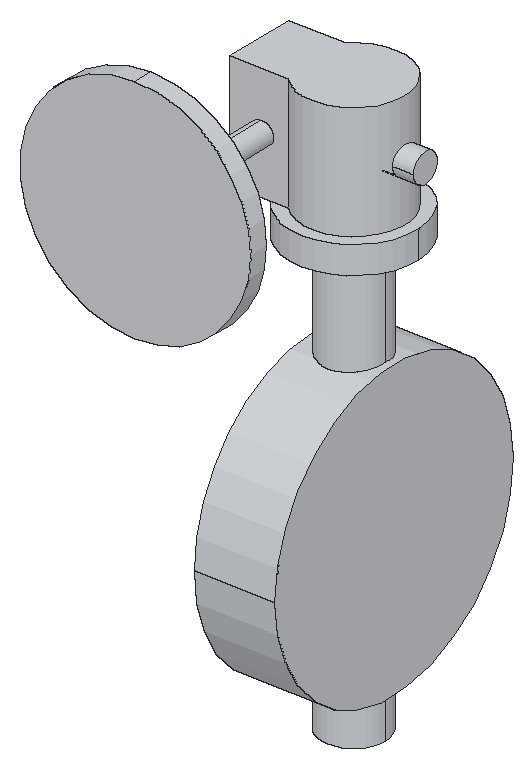
Revit family "HS497-67_disk-litina-převodové kolo DN150-RFA_2019", category Pipe Accessories, Revit 2019
Family settings
  Round Connector Dimension = Use Diameter
  Part Type = Valve - Breaks Into
  Work Plane-Based = No
  Always vertical = Yes
  Cut with Voids When Loaded = No
  Shared = No
Parameters (values of type "HS 497-67_DN150_PN16_převodové kolo")
  magiProductId = "d94a1a0cf83b476eb10011b327f709"
  magiProductFamilyId = "53cea81e6f374d17b8841d9c72ad77"
  magiPartTypeId = 305
  isMeasuringValve [instance] = no
  ang2D [instance] = 0.00°
  X11 = 61.456 mm
  X1 = 25.456 mm
  W2D = 1000 mm
  VersionID = "2.0/2017.9.26.1/ZETKAMA_497_001"
  Use Minimum Symbol Size [instance] = yes
  URL = "http://www.hydronic.cz"
  Type Comments = "mezipřírubová; litinový disk; PN16; -10~+110°C (krátkodobě +120°C)"
  SW30 = yes
  SW3 = yes
  SW21 = no
  SW20 = no
  SW2 = no
  SW1 = no
  R = 75 mm
  QmdConnectorList = "301;D;302;D"
  Productdata [instance] = ""
  NC = 50 mm
  Model = ""
  Manufacturer = "Hydronic Systems Prague s.r.o."
  MM20 = 25.456 mm
  MC Product Code = "125 150 (litinový disk, s převodovým kolem; DN150; PN16, kvs1347)"
  M41 = 65.25 mm
  M4 = 43.5 mm
  LHL = 220 mm
  LHH3 = 2.45 mm
  LHH1 = 46.55 mm
  LH1 = 73.333 mm
  L4R__ve = -L4R  # -13.5 mm
  L4R = 13.5 mm
  L42__ve = -L42  # -101.25 mm
  L42 = 101.25 mm
  L41__ve = -L41  # -20.25 mm
  L41 = 20.25 mm
  L2D_Min = 3048 mm
  L2D = 216 mm
  L2 = 28 mm
  L1 = 44.8 mm
  L = 56 mm
  H = 33 mm
  G22 = 11.25 mm
  G2 = 22.5 mm
  G1 = 90 mm
  G = 90 mm
  F = 14 mm
  E44 = 40 mm
  E42 = 80 mm
  E4 = 160 mm
  E23 = 4.9 mm
  E22 = 19.6 mm
  E21 = 9.8 mm
  Description = "Mezipřírubová uzavírací klapka s převodovým kolem; litinový disk, DN150; PN16; kvs1347"
  DR2 = 75 mm
  DR = 206 mm
  DD1 = 20 mm
  DD = 16 mm
  D = 150 mm
  CAT0 = yes
  B2__ve = -B2  # -58 mm
  B2 = 58 mm
  A2 = 19.3 mm
  A1 = 98.7 mm
Types (43, lengths in mm): name | magiProductId | X11 | X1 | Type Comments | SW30 | SW3 | SW20 | SW2 | SW1 | R | NC | MM20 | MC Product Code | M41 | M4 | LHL | LHH3 | LHH1 | LH1 | L4R__ve | L4R | L42__ve | L42 | L41__ve | L41 | L2 | L1 | L | H | G | F | E44 | E42 | E4 | E23 | E22 | E21 | Description | DR2 | DR | DD1 | DD | D | B2__ve | B2 | A2 | A1
  HS 497-67_DN100_PN16_volné vřeteno | "65d1b245f4f142c78569c0602d5754" | 61.456 | 25.456 | "mezipřírubová; litinový disk; PN16; -10~+110°C (krátkodobě +120°C)" | no | no | no | no | yes | 50 | 50 | 25.456 | "123 100 (litinový disk, s volným vřetenem; DN100; PN16, kvs512)" | 66 | 44 | 220 | 2.45 | 46.55 | 73.333 | -12.8 | 12.8 | -96 | 96 | -19.2 | 19.2 | 26 | 41.6 | 52 | 30 | 90 | 11 | 31.25 | 62.5 | 125 | 4.9 | 19.6 | 9.8 | "Mezipřírubová uzavírací klapka s volným vřetenem; litinový disk, DN100; PN16; kvs512" | 50 | 147 | 15.625 | 12.5 | 100 | -56 | 56 | 16.5 | 98.5
  HS 497-67_DN100_PN16_převodové kolo | "11e91b807e674d428c8e796fcdcfe2" | 61.456 | 25.456 | "mezipřírubová; litinový disk; PN16; -10~+110°C (krátkodobě +120°C)" | yes | yes | no | no | no | 50 | 50 | 25.456 | "125 100 (litinový disk, s převodovým kolem; DN100; PN16, kvs512)" | 65.25 | 43.5 | 220 | 2.45 | 46.55 | 73.333 | -12.8 | 12.8 | -96 | 96 | -19.2 | 19.2 | 26 | 41.6 | 52 | 30 | 90 | 11 | 31.25 | 62.5 | 125 | 4.9 | 19.6 | 9.8 | "Mezipřírubová uzavírací klapka s převodovým kolem; litinový disk, DN100; PN16; kvs512" | 50 | 147 | 15.625 | 12.5 | 100 | -56 | 56 | 16.5 | 98.5
  HS 497-67_DN100_PN16_s pákou | "28172f0b3f4b47b28323ac71cf8749" | 61.456 | 25.456 | "mezipřírubová; litinový disk; PN16; -10~+110°C (krátkodobě +120°C)" | no | no | yes | yes | no | 50 | 50 | 25.456 | "120 100 (litinový disk, s pákou; DN100; PN16, kvs512)" | 66 | 44 | 260 | 3 | 57 | 86.667 | -12.8 | 12.8 | -96 | 96 | -19.2 | 19.2 | 26 | 41.6 | 52 | 30 | 90 | 11 | 31.25 | 62.5 | 125 | 6 | 24 | 12 | "Mezipřírubová uzavírací klapka s pákou; litinový disk, DN100; PN16; kvs512" | 50 | 147 | 15.625 | 12.5 | 100 | -56 | 56 | 16.5 | 98.5
  HS 497-67_DN125_PN16_volné vřeteno | "0d813d910fc14f628bb3c2efbd185c" | 61.456 | 25.456 | "mezipřírubová; litinový disk; PN16; -10~+110°C (krátkodobě +120°C)" | no | no | no | no | yes | 62.5 | 50 | 25.456 | "123 125 (litinový disk, s volným vřetenem; DN125; PN16, kvs872)" | 66 | 44 | 220 | 2.45 | 46.55 | 73.333 | -12.8 | 12.8 | -96 | 96 | -19.2 | 19.2 | 28 | 44.8 | 56 | 33 | 90 | 14 | 31.25 | 62.5 | 125 | 4.9 | 19.6 | 9.8 | "Mezipřírubová uzavírací klapka s volným vřetenem; litinový disk, DN125; PN16; kvs872" | 62.5 | 180 | 15.625 | 12.5 | 125 | -64 | 64 | 18 | 99.5
  HS 497-67_DN125_PN16_převodové kolo | "c56b7c13f372467684996fb1e0e229" | 61.456 | 25.456 | "mezipřírubová; litinový disk; PN16; -10~+110°C (krátkodobě +120°C)" | yes | yes | no | no | no | 62.5 | 50 | 25.456 | "125 125 (litinový disk, s převodovým kolem; DN125; PN16, kvs872)" | 65.25 | 43.5 | 220 | 2.45 | 46.55 | 73.333 | -13.5 | 13.5 | -101.25 | 101.25 | -20.25 | 20.25 | 28 | 44.8 | 56 | 33 | 90 | 14 | 40 | 80 | 160 | 4.9 | 19.6 | 9.8 | "Mezipřírubová uzavírací klapka s převodovým kolem; litinový disk, DN125; PN16; kvs872" | 62.5 | 180 | 20 | 16 | 125 | -64 | 64 | 18 | 99.5
  HS 497-67_DN125_PN16_s pákou | "105993c79a91492399feef7931321a" | 61.456 | 25.456 | "mezipřírubová; litinový disk; PN16; -10~+110°C (krátkodobě +120°C)" | no | no | yes | yes | no | 62.5 | 50 | 25.456 | "120 125 (litinový disk, s pákou; DN125; PN16, kvs872)" | 66 | 44 | 315 | 3.75 | 71.25 | 105 | -12.8 | 12.8 | -96 | 96 | -19.2 | 19.2 | 28 | 44.8 | 56 | 33 | 90 | 14 | 31.25 | 62.5 | 125 | 7.5 | 30 | 15 | "Mezipřírubová uzavírací klapka s pákou; litinový disk, DN125; PN16; kvs872" | 62.5 | 180 | 15.625 | 12.5 | 125 | -64 | 64 | 18 | 99.5
  HS 497-67_DN150_PN16_volné vřeteno | "50c80cb8ab434f55ab7796e5ac1331" | 61.456 | 25.456 | "mezipřírubová; litinový disk; PN16; -10~+110°C (krátkodobě +120°C)" | no | no | no | no | yes | 75 | 50 | 25.456 | "123 150 (litinový disk, s volným vřetenem; DN150; PN16, kvs1347)" | 66 | 44 | 220 | 2.45 | 46.55 | 73.333 | -12.8 | 12.8 | -96 | 96 | -19.2 | 19.2 | 28 | 44.8 | 56 | 33 | 90 | 14 | 31.25 | 62.5 | 125 | 4.9 | 19.6 | 9.8 | "Mezipřírubová uzavírací klapka s volným vřetenem; litinový disk, DN150; PN16; kvs1347" | 75 | 206 | 15.625 | 12.5 | 150 | -58 | 58 | 19.3 | 98.7
  HS 497-67_DN150_PN16_převodové kolo | "d94a1a0cf83b476eb10011b327f709" | 61.456 | 25.456 | "mezipřírubová; litinový disk; PN16; -10~+110°C (krátkodobě +120°C)" | yes | yes | no | no | no | 75 | 50 | 25.456 | "125 150 (litinový disk, s převodovým kolem; DN150; PN16, kvs1347)" | 65.25 | 43.5 | 220 | 2.45 | 46.55 | 73.333 | -13.5 | 13.5 | -101.25 | 101.25 | -20.25 | 20.25 | 28 | 44.8 | 56 | 33 | 90 | 14 | 40 | 80 | 160 | 4.9 | 19.6 | 9.8 | "Mezipřírubová uzavírací klapka s převodovým kolem; litinový disk, DN150; PN16; kvs1347" | 75 | 206 | 20 | 16 | 150 | -58 | 58 | 19.3 | 98.7
  HS 497-67_DN150_PN16_s pákou | "4d2835523fe84828bc50ff0a5a0dfb" | 61.456 | 25.456 | "mezipřírubová; litinový disk; PN16; -10~+110°C (krátkodobě +120°C)" | no | no | yes | yes | no | 75 | 50 | 25.456 | "120 150 (litinový disk, s pákou; DN150; PN16, kvs1347)" | 66 | 44 | 315 | 3.75 | 71.25 | 105 | -12.8 | 12.8 | -96 | 96 | -19.2 | 19.2 | 28 | 44.8 | 56 | 33 | 90 | 14 | 31.25 | 62.5 | 125 | 7.5 | 30 | 15 | "Mezipřírubová uzavírací klapka s pákou; litinový disk, DN150; PN16; kvs1347" | 75 | 206 | 15.625 | 12.5 | 150 | -58 | 58 | 19.3 | 98.7
  HS 497-67_DN200_PN16_volné vřeteno | "5b29029eaeba47139ee1055a4b9201" | 61.456 | 25.456 | "mezipřírubová; litinový disk; PN16; -10~+110°C (krátkodobě +120°C)" | no | no | no | no | yes | 100 | 50 | 25.456 | "123 200 (litinový disk, s volným vřetenem; DN200; PN16, kvs2675)" | 66 | 44 | 220 | 2.45 | 46.55 | 73.333 | -12.8 | 12.8 | -96 | 96 | -19.2 | 19.2 | 30 | 48 | 60 | 33 | 90 | 17 | 31.25 | 62.5 | 125 | 4.9 | 19.6 | 9.8 | "Mezipřírubová uzavírací klapka s volným vřetenem; litinový disk, DN200; PN16; kvs2675" | 100 | 257 | 15.625 | 12.5 | 200 | -70 | 70 | 22.5 | 102.5
  HS 497-67_DN200_PN16_převodové kolo | "b2793cc1fcc44cf2a35062cd67c04f" | 61.456 | 25.456 | "mezipřírubová; litinový disk; PN16; -10~+110°C (krátkodobě +120°C)" | yes | yes | no | no | no | 100 | 57 | 25.456 | "125 200 (litinový disk, s převodovým kolem; DN200; PN16, kvs2675)" | 78.75 | 52.5 | 220 | 2.45 | 46.55 | 73.333 | -15.2 | 15.2 | -114 | 114 | -22.8 | 22.8 | 30 | 48 | 60 | 33 | 90 | 17 | 50 | 100 | 200 | 4.9 | 19.6 | 9.8 | "Mezipřírubová uzavírací klapka s převodovým kolem; litinový disk, DN200; PN16; kvs2675" | 100 | 257 | 25 | 20 | 200 | -70 | 70 | 22.5 | 102.5
  HS 497-67_DN200_PN16_s pákou | "f88d96c7af224537a51e72d7d8fffe" | 61.456 | 25.456 | "mezipřírubová; litinový disk; PN16; -10~+110°C (krátkodobě +120°C)" | no | no | yes | yes | no | 100 | 50 | 25.456 | "120 200 (litinový disk, s pákou; DN200; PN16, kvs2675)" | 66 | 44 | 315 | 3.75 | 71.25 | 105 | -12.8 | 12.8 | -96 | 96 | -19.2 | 19.2 | 30 | 48 | 60 | 33 | 90 | 17 | 31.25 | 62.5 | 125 | 7.5 | 30 | 15 | "Mezipřírubová uzavírací klapka s pákou; litinový disk, DN200; PN16; kvs2675" | 100 | 257 | 15.625 | 12.5 | 200 | -70 | 70 | 22.5 | 102.5
  HS 497-67_DN250_PN16_volné vřeteno | "b662e8305ca2402b9c510e66e6aa55" | 88.77 | 36.77 | "mezipřírubová; litinový disk; PN16; -10~+110°C (krátkodobě +120°C)" | no | no | no | no | yes | 125 | 50 | 36.77 | "123 250 (litinový disk, s volným vřetenem; DN250; PN16, kvs4555)" | 66 | 44 | 220 | 2.45 | 46.55 | 73.333 | -12.8 | 12.8 | -96 | 96 | -19.2 | 19.2 | 34 | 54.4 | 68 | 23 | 130 | 22 | 31.25 | 62.5 | 125 | 4.9 | 19.6 | 9.8 | "Mezipřírubová uzavírací klapka s volným vřetenem; litinový disk, DN250; PN16; kvs4555" | 125 | 324 | 15.625 | 12.5 | 250 | -85 | 85 | 28.25 | 129.25
  HS 497-67_DN250_PN16_převodové kolo | "5ee9016806664ddfaa2632711f295c" | 88.77 | 36.77 | "mezipřírubová; litinový disk; PN16; -10~+110°C (krátkodobě +120°C)" | yes | yes | no | no | no | 125 | 70 | 36.77 | "125 250 (litinový disk, s převodovým kolem; DN250; PN16, kvs4555)" | 91.5 | 61 | 220 | 2.45 | 46.55 | 73.333 | -22.2 | 22.2 | -166.5 | 166.5 | -33.3 | 33.3 | 34 | 54.4 | 68 | 23 | 130 | 22 | 62.5 | 125 | 250 | 4.9 | 19.6 | 9.8 | "Mezipřírubová uzavírací klapka s převodovým kolem; litinový disk, DN250; PN16; kvs4555" | 125 | 324 | 31.25 | 25 | 250 | -85 | 85 | 28.25 | 129.25
  HS 497-67_DN300_PN16_volné vřeteno | "e1886f51ff004380a649519258edf2" | 88.77 | 36.77 | "mezipřírubová; litinový disk; PN16; -10~+110°C (krátkodobě +120°C)" | no | no | no | no | yes | 150 | 50 | 36.77 | "123 300 (litinový disk, s volným vřetenem; DN300; PN16, kvs7037)" | 66 | 44 | 220 | 2.45 | 46.55 | 73.333 | -12.8 | 12.8 | -96 | 96 | -19.2 | 19.2 | 39 | 62.4 | 78 | 23 | 130 | 22 | 31.25 | 62.5 | 125 | 4.9 | 19.6 | 9.8 | "Mezipřírubová uzavírací klapka s volným vřetenem; litinový disk, DN300; PN16; kvs7037" | 150 | 376 | 15.625 | 12.5 | 300 | -90 | 90 | 30.8 | 127.2
  HS 497-67_DN300_PN16_převodové kolo | "6860f094f77d42088fbebc3c97f755" | 88.77 | 36.77 | "mezipřírubová; litinový disk; PN16; -10~+110°C (krátkodobě +120°C)" | yes | yes | no | no | no | 150 | 70 | 36.77 | "125 300 (litinový disk, s převodovým kolem; DN300; PN16, kvs7037)" | 91.5 | 61 | 220 | 2.45 | 46.55 | 73.333 | -22.2 | 22.2 | -166.5 | 166.5 | -33.3 | 33.3 | 39 | 62.4 | 78 | 23 | 130 | 22 | 62.5 | 125 | 250 | 4.9 | 19.6 | 9.8 | "Mezipřírubová uzavírací klapka s převodovým kolem; litinový disk, DN300; PN16; kvs7037" | 150 | 376 | 31.25 | 25 | 300 | -90 | 90 | 30.8 | 127.2
  HS 497-67_DN032_PN16_volné vřeteno | "8c5f65de52aa4067a77564107e31b2" | 61.456 | 25.456 | "mezipřírubová; litinový disk; PN16; -10~+110°C (krátkodobě +120°C)" | no | no | no | no | yes | 16 | 50 | 25.456 | "123 032 (litinový disk, s volným vřetenem; DN32; PN16, kvs78)" | 66 | 44 | 220 | 2.45 | 46.55 | 73.333 | -12.8 | 12.8 | -96 | 96 | -19.2 | 19.2 | 16.5 | 26.4 | 33 | 30 | 90 | 11 | 31.25 | 62.5 | 125 | 4.9 | 19.6 | 9.8 | "Mezipřírubová uzavírací klapka s volným vřetenem; litinový disk, DN32; PN16; kvs78" | 16 | 68 | 15.625 | 12.5 | 32 | -44.2 | 44.2 | 10.25 | 76.25
  HS 497-67_DN032_PN16_převodové kolo | "60aaeffa8b3a4e809ef000e4660060" | 61.456 | 25.456 | "mezipřírubová; litinový disk; PN16; -10~+110°C (krátkodobě +120°C)" | yes | yes | no | no | no | 16 | 50 | 25.456 | "125 032 (litinový disk, s převodovým kolem; DN32; PN16, kvs78)" | 65.25 | 43.5 | 220 | 2.45 | 46.55 | 73.333 | -12.8 | 12.8 | -96 | 96 | -19.2 | 19.2 | 16.5 | 26.4 | 33 | 30 | 90 | 11 | 31.25 | 62.5 | 125 | 4.9 | 19.6 | 9.8 | "Mezipřírubová uzavírací klapka s převodovým kolem; litinový disk, DN32; PN16; kvs78" | 16 | 68 | 15.625 | 12.5 | 32 | -44.2 | 44.2 | 10.25 | 76.25
  HS 497-67_DN032_PN16_s pákou | "9ad8088d610749a1b871aa2aad8007" | 61.456 | 25.456 | "mezipřírubová; litinový disk; PN16; -10~+110°C (krátkodobě +120°C)" | no | no | yes | yes | no | 16 | 50 | 25.456 | "120 032 (litinový disk, s pákou; DN32; PN16, kvs78)" | 66 | 44 | 220 | 2.45 | 46.55 | 73.333 | -12.8 | 12.8 | -96 | 96 | -19.2 | 19.2 | 16.5 | 26.4 | 33 | 30 | 90 | 11 | 31.25 | 62.5 | 125 | 4.9 | 19.6 | 9.8 | "Mezipřírubová uzavírací klapka s pákou; litinový disk, DN32; PN16; kvs78" | 16 | 68 | 15.625 | 12.5 | 32 | -44.2 | 44.2 | 10.25 | 76.25
  HS 497-67_DN350_PN10_volné vřeteno | "72a1e05f22944421b7e9596a877137" | 109.255 | 45.255 | "mezipřírubová; litinový disk; PN10; -10~+110°C (krátkodobě +120°C)" | no | no | no | no | yes | 175 | 50 | 45.255 | "123 350 (litinový disk, s volným vřetenem; DN350; PN10, kvs10165)" | 66 | 44 | 220 | 2.45 | 46.55 | 73.333 | -12.8 | 12.8 | -96 | 96 | -19.2 | 19.2 | 39 | 62.4 | 78 | 31 | 160 | 22 | 31.25 | 62.5 | 125 | 4.9 | 19.6 | 9.8 | "Mezipřírubová uzavírací klapka s volným vřetenem; litinový disk, DN350; PN10; kvs10165" | 175 | 430 | 15.625 | 12.5 | 350 | -88 | 88 | 33.85 | 129.65
  HS 497-67_DN350_PN10_převodové kolo | "a5a01426cb28494ba3afca92f1dace" | 109.255 | 45.255 | "mezipřírubová; litinový disk; PN10; -10~+110°C (krátkodobě +120°C)" | yes | yes | no | no | no | 175 | 70 | 45.255 | "125 350 (litinový disk, s převodovým kolem; DN350; PN10, kvs10165)" | 91.5 | 61 | 220 | 2.45 | 46.55 | 73.333 | -22.2 | 22.2 | -166.5 | 166.5 | -33.3 | 33.3 | 39 | 62.4 | 78 | 31 | 160 | 22 | 62.5 | 125 | 250 | 4.9 | 19.6 | 9.8 | "Mezipřírubová uzavírací klapka s převodovým kolem; litinový disk, DN350; PN10; kvs10165" | 175 | 430 | 31.25 | 25 | 350 | -88 | 88 | 33.85 | 129.65
  HS 497-67_DN400_PN10_volné vřeteno | "c70ebeb927c04ab99b176e257ad0a7" | 109.255 | 45.255 | "mezipřírubová; litinový disk; PN10; -10~+110°C (krátkodobě +120°C)" | no | no | no | no | yes | 200 | 50 | 45.255 | "123 400 (litinový disk, s volným vřetenem; DN400; PN10, kvs13799)" | 66 | 44 | 220 | 2.45 | 46.55 | 73.333 | -12.8 | 12.8 | -96 | 96 | -19.2 | 19.2 | 51 | 81.6 | 102 | 31 | 160 | 27 | 31.25 | 62.5 | 125 | 4.9 | 19.6 | 9.8 | "Mezipřírubová uzavírací klapka s volným vřetenem; litinový disk, DN400; PN10; kvs13799" | 200 | 485 | 15.625 | 12.5 | 400 | -108 | 108 | 38 | 142
  HS 497-67_DN400_PN10_převodové kolo | "cc64a4384dcb41b780d81810f4f293" | 109.255 | 45.255 | "mezipřírubová; litinový disk; PN10; -10~+110°C (krátkodobě +120°C)" | yes | yes | no | no | no | 200 | 72.5 | 45.255 | "125 400 (litinový disk, s převodovým kolem; DN400; PN10, kvs13799)" | 103.5 | 69 | 220 | 2.45 | 46.55 | 73.333 | -27.8 | 27.8 | -208.5 | 208.5 | -41.7 | 41.7 | 51 | 81.6 | 102 | 31 | 160 | 27 | 75 | 150 | 300 | 4.9 | 19.6 | 9.8 | "Mezipřírubová uzavírací klapka s převodovým kolem; litinový disk, DN400; PN10; kvs13799" | 200 | 485 | 37.5 | 30 | 400 | -108 | 108 | 38 | 142
  HS 497-67_DN040_PN16_volné vřeteno | "35f92312390745e88df5b5c325d9ee" | 61.456 | 25.456 | "mezipřírubová; litinový disk; PN16; -10~+110°C (krátkodobě +120°C)" | no | no | no | no | yes | 20 | 50 | 25.456 | "123 040 (litinový disk, s volným vřetenem; DN40; PN16, kvs78)" | 66 | 44 | 220 | 2.45 | 46.55 | 73.333 | -12.8 | 12.8 | -96 | 96 | -19.2 | 19.2 | 16.5 | 26.4 | 33 | 30 | 90 | 11 | 31.25 | 62.5 | 125 | 4.9 | 19.6 | 9.8 | "Mezipřírubová uzavírací klapka s volným vřetenem; litinový disk, DN40; PN16; kvs78" | 20 | 76 | 15.625 | 12.5 | 40 | -36 | 36 | 11 | 79
  HS 497-67_DN040_PN16_převodové kolo | "d88e968eae3445bc9b7b4e6ff35127" | 61.456 | 25.456 | "mezipřírubová; litinový disk; PN16; -10~+110°C (krátkodobě +120°C)" | yes | yes | no | no | no | 20 | 50 | 25.456 | "125 040 (litinový disk, s převodovým kolem; DN40; PN16, kvs78)" | 65.25 | 43.5 | 220 | 2.45 | 46.55 | 73.333 | -12.8 | 12.8 | -96 | 96 | -19.2 | 19.2 | 16.5 | 26.4 | 33 | 30 | 90 | 11 | 31.25 | 62.5 | 125 | 4.9 | 19.6 | 9.8 | "Mezipřírubová uzavírací klapka s převodovým kolem; litinový disk, DN40; PN16; kvs78" | 20 | 76 | 15.625 | 12.5 | 40 | -36 | 36 | 11 | 79
  HS 497-67_DN040_PN16_s pákou | "c1b522ca65b4407a98818f232eaacb" | 61.456 | 25.456 | "mezipřírubová; litinový disk; PN16; -10~+110°C (krátkodobě +120°C)" | no | no | yes | yes | no | 20 | 50 | 25.456 | "120 040 (litinový disk, s pákou; DN40; PN16, kvs78)" | 66 | 44 | 220 | 2.45 | 46.55 | 73.333 | -12.8 | 12.8 | -96 | 96 | -19.2 | 19.2 | 16.5 | 26.4 | 33 | 30 | 90 | 11 | 31.25 | 62.5 | 125 | 4.9 | 19.6 | 9.8 | "Mezipřírubová uzavírací klapka s pákou; litinový disk, DN40; PN16; kvs78" | 20 | 76 | 15.625 | 12.5 | 40 | -36 | 36 | 11 | 79
  HS 497-67_DN450_PN10_volné vřeteno | "a8358bc282f14872b3194e530e590a" | 129.74 | 53.74 | "mezipřírubová; litinový disk; PN10; -10~+110°C (krátkodobě +120°C)" | no | no | no | no | yes | 225 | 50 | 53.74 | "123 450 (litinový disk, s volným vřetenem; DN450; PN10, kvs18514)" | 66 | 44 | 220 | 2.45 | 46.55 | 73.333 | -12.8 | 12.8 | -96 | 96 | -19.2 | 19.2 | 57 | 91.2 | 114 | 38 | 190 | 36 | 31.25 | 62.5 | 125 | 4.9 | 19.6 | 9.8 | "Mezipřírubová uzavírací klapka s volným vřetenem; litinový disk, DN450; PN10; kvs18514" | 225 | 536 | 15.625 | 12.5 | 450 | -115 | 115 | 38.05 | 117.45
  HS 497-67_DN450_PN10_převodové kolo | "cdf2d80f54a9414f9cbe50647c0ebd" | 129.74 | 53.74 | "mezipřírubová; litinový disk; PN10; -10~+110°C (krátkodobě +120°C)" | yes | yes | no | no | no | 225 | 91.5 | 53.74 | "125 450 (litinový disk, s převodovým kolem; DN450; PN10, kvs18514)" | 144.75 | 96.5 | 220 | 2.45 | 46.55 | 73.333 | -32.1 | 32.1 | -240.75 | 240.75 | -48.15 | 48.15 | 57 | 91.2 | 114 | 38 | 190 | 36 | 100 | 200 | 400 | 4.9 | 19.6 | 9.8 | "Mezipřírubová uzavírací klapka s převodovým kolem; litinový disk, DN450; PN10; kvs18514" | 225 | 536 | 50 | 40 | 450 | -115 | 115 | 38.05 | 117.45
  HS 497-67_DN500_PN10_volné vřeteno | "8c396e27bb2743f98f3c762b6517cd" | 143.397 | 59.397 | "mezipřírubová; litinový disk; PN10; -10~+110°C (krátkodobě +120°C)" | no | no | no | no | yes | 250 | 50 | 59.397 | "123 500 (litinový disk, s volným vřetenem; DN500; PN10, kvs23805)" | 66 | 44 | 220 | 2.45 | 46.55 | 73.333 | -12.8 | 12.8 | -96 | 96 | -19.2 | 19.2 | 63.5 | 101.6 | 127 | 38 | 210 | 36 | 31.25 | 62.5 | 125 | 4.9 | 19.6 | 9.8 | "Mezipřírubová uzavírací klapka s volným vřetenem; litinový disk, DN500; PN10; kvs23805" | 250 | 593 | 15.625 | 12.5 | 500 | -130 | 130 | 43.25 | 139.25
  HS 497-67_DN500_PN10_převodové kolo | "7647804f32e94cef828a7034a91a46" | 143.397 | 59.397 | "mezipřírubová; litinový disk; PN10; -10~+110°C (krátkodobě +120°C)" | yes | yes | no | no | no | 250 | 91.5 | 59.397 | "125 500 (litinový disk, s převodovým kolem; DN500; PN10, kvs23805)" | 144.75 | 96.5 | 220 | 2.45 | 46.55 | 73.333 | -32.1 | 32.1 | -240.75 | 240.75 | -48.15 | 48.15 | 63.5 | 101.6 | 127 | 38 | 210 | 36 | 100 | 200 | 400 | 4.9 | 19.6 | 9.8 | "Mezipřírubová uzavírací klapka s převodovým kolem; litinový disk, DN500; PN10; kvs23805" | 250 | 593 | 50 | 40 | 500 | -130 | 130 | 43.25 | 139.25
  HS 497-67_DN050_volné vřeteno | "d71f296ecd6d4adf8f6e5d9853b4e0" | 61.456 | 25.456 | "mezipřírubová; litinový disk; PN16; -10~+110°C (krátkodobě +120°C)" | no | no | no | no | yes | 25 | 50 | 25.456 | "123 050 (litinový disk, s volným vřetenem; DN50; PN16, kvs98)" | 66 | 44 | 220 | 2.45 | 46.55 | 73.333 | -12.8 | 12.8 | -96 | 96 | -19.2 | 19.2 | 21.5 | 34.4 | 43 | 30 | 90 | 11 | 31.25 | 62.5 | 125 | 4.9 | 19.6 | 9.8 | "Mezipřírubová uzavírací klapka s volným vřetenem; litinový disk, DN50; PN16; kvs98" | 25 | 100 | 15.625 | 12.5 | 50 | -36.5 | 36.5 | 12 | 83
  HS 497-67_DN050_PN16_převodové kolo | "2fb080deeaed49c58418b94c1da5a4" | 61.456 | 25.456 | "mezipřírubová; litinový disk; PN16; -10~+110°C (krátkodobě +120°C)" | yes | yes | no | no | no | 25 | 50 | 25.456 | "125 050 (litinový disk, s převodovým kolem; DN50; PN16, kvs98)" | 65.25 | 43.5 | 220 | 2.45 | 46.55 | 73.333 | -12.8 | 12.8 | -96 | 96 | -19.2 | 19.2 | 21.5 | 34.4 | 43 | 30 | 90 | 11 | 31.25 | 62.5 | 125 | 4.9 | 19.6 | 9.8 | "Mezipřírubová uzavírací klapka s převodovým kolem; litinový disk, DN50; PN16; kvs98" | 25 | 100 | 15.625 | 12.5 | 50 | -36.5 | 36.5 | 12 | 83
  HS 497-67_DN050_PN16_s pákou | "dabc632061f94877a994b9b4e68112" | 61.456 | 25.456 | "mezipřírubová; litinový disk; PN16; -10~+110°C (krátkodobě +120°C)" | no | no | yes | yes | no | 25 | 50 | 25.456 | "120 050 (litinový disk, s pákou; DN50; PN16, kvs98)" | 66 | 44 | 220 | 2.45 | 46.55 | 73.333 | -12.8 | 12.8 | -96 | 96 | -19.2 | 19.2 | 21.5 | 34.4 | 43 | 30 | 90 | 11 | 31.25 | 62.5 | 125 | 4.9 | 19.6 | 9.8 | "Mezipřírubová uzavírací klapka s pákou; litinový disk, DN50; PN16; kvs98" | 25 | 100 | 15.625 | 12.5 | 50 | -36.5 | 36.5 | 12 | 83
  HS 497-67_DN600_PN10_volné vřeteno | "99d5892c14664fce81a7c5903f7711" | 143.397 | 59.397 | "mezipřírubová; litinový disk; PN10; -10~+110°C (krátkodobě +120°C)" | no | no | no | no | yes | 300 | 50 | 59.397 | "123 600 (litinový disk, s volným vřetenem; DN600; PN10, kvs36778)" | 66 | 44 | 220 | 2.45 | 46.55 | 73.333 | -12.8 | 12.8 | -96 | 96 | -19.2 | 19.2 | 77 | 123.2 | 154 | 80 | 210 | 60 | 31.25 | 62.5 | 125 | 4.9 | 19.6 | 9.8 | "Mezipřírubová uzavírací klapka s volným vřetenem; litinový disk, DN600; PN10; kvs36788" | 300 | 690 | 15.625 | 12.5 | 600 | -140 | 140 | 49.4 | 144.6
  HS 497-67_DN600_PN10_převodové kolo | "b1e26faab48a4c499f6bb11e7e3002" | 143.397 | 59.397 | "mezipřírubová; litinový disk; PN10; -10~+110°C (krátkodobě +120°C)" | yes | yes | no | no | no | 300 | 140 | 59.397 | "125 600 (litinový disk, s převodovým kolem; DN600; PN10, kvs36778)" | 206.25 | 137.5 | 220 | 2.45 | 46.55 | 73.333 | -40.8 | 40.8 | -306 | 306 | -61.2 | 61.2 | 77 | 123.2 | 154 | 80 | 210 | 60 | 125 | 250 | 500 | 4.9 | 19.6 | 9.8 | "Mezipřírubová uzavírací klapka s převodovým kolem; litinový disk, DN600; PN10; kvs36788" | 300 | 690 | 62.5 | 50 | 600 | -140 | 140 | 49.4 | 144.6
  HS 497-67_DN065_PN16_volné vřeteno | "5e5e208646e34ec29f889baab5d08e" | 61.456 | 25.456 | "mezipřírubová; litinový disk; PN16; -10~+110°C (krátkodobě +120°C)" | no | no | no | no | yes | 32.5 | 50 | 25.456 | "123 065 (litinový disk, s volným vřetenem; DN65; PN16, kvs167)" | 66 | 44 | 220 | 2.45 | 46.55 | 73.333 | -12.8 | 12.8 | -96 | 96 | -19.2 | 19.2 | 23 | 36.8 | 46 | 30 | 90 | 11 | 31.25 | 62.5 | 125 | 4.9 | 19.6 | 9.8 | "Mezipřírubová uzavírací klapka s volným vřetenem; litinový disk, DN65; PN16; kv167" | 32.5 | 108 | 15.625 | 12.5 | 65 | -36.5 | 36.5 | 13.5 | 89
  HS 497-67_DN065_PN16_převodové kolo | "654d74c8d15540b0bfe523d988ccb3" | 61.456 | 25.456 | "mezipřírubová; litinový disk; PN16; -10~+110°C (krátkodobě +120°C)" | yes | yes | no | no | no | 32.5 | 50 | 25.456 | "125 065 (litinový disk, s převodovým kolem; DN65; PN16, kvs167)" | 65.25 | 43.5 | 220 | 2.45 | 46.55 | 73.333 | -12.8 | 12.8 | -96 | 96 | -19.2 | 19.2 | 23 | 36.8 | 46 | 30 | 90 | 11 | 31.25 | 62.5 | 125 | 4.9 | 19.6 | 9.8 | "Mezipřírubová uzavírací klapka s převodovým kolem; litinový disk, DN65; PN16; kvs167" | 32.5 | 108 | 15.625 | 12.5 | 65 | -36.5 | 36.5 | 13.5 | 89
  HS 497-67_DN065_PN16_s pákou | "ebeb4b59db0641caaf6d6635ab37b9" | 61.456 | 25.456 | "mezipřírubová; litinový disk; PN16; -10~+110°C (krátkodobě +120°C)" | no | no | yes | yes | no | 32.5 | 50 | 25.456 | "120 065 (litinový disk, s pákou; DN65; PN16, kvs167)" | 66 | 44 | 220 | 2.45 | 46.55 | 73.333 | -12.8 | 12.8 | -96 | 96 | -19.2 | 19.2 | 23 | 36.8 | 46 | 30 | 90 | 11 | 31.25 | 62.5 | 125 | 4.9 | 19.6 | 9.8 | "Mezipřírubová uzavírací klapka s pákou; litinový disk, DN65; PN16; kvs167" | 32.5 | 108 | 15.625 | 12.5 | 65 | -36.5 | 36.5 | 13.5 | 89
  HS 497-67_DN080_PN16_volné vřeteno | "9e85c75c18654e1185a9c48ed6b00e" | 61.456 | 25.456 | "mezipřírubová; litinový disk; PN16; -10~+110°C (krátkodobě +120°C)" | no | no | no | no | yes | 40 | 50 | 25.456 | "123 080 (litinový disk, s volným vřetenem; DN80; PN16, kvs258)" | 66 | 44 | 220 | 2.45 | 46.55 | 73.333 | -12.8 | 12.8 | -96 | 96 | -19.2 | 19.2 | 23 | 36.8 | 46 | 30 | 90 | 11 | 31.25 | 62.5 | 125 | 4.9 | 19.6 | 9.8 | "Mezipřírubová uzavírací klapka s volným vřetenem; litinový disk, DN80; PN16; kvs258" | 40 | 124 | 15.625 | 12.5 | 80 | -54 | 54 | 14.1 | 86.9
  HS 497-67_DN080_PN16_převodové kolo | "5b3c8238c3d041e68c75b199e7ea46" | 61.456 | 25.456 | "mezipřírubová; litinový disk; PN16; -10~+110°C (krátkodobě +120°C)" | yes | yes | no | no | no | 40 | 50 | 25.456 | "125 080 (litinový disk, s převodovým kolem; DN80; PN16, kvs258)" | 65.25 | 43.5 | 220 | 2.45 | 46.55 | 73.333 | -12.8 | 12.8 | -96 | 96 | -19.2 | 19.2 | 23 | 36.8 | 46 | 30 | 90 | 11 | 31.25 | 62.5 | 125 | 4.9 | 19.6 | 9.8 | "Mezipřírubová uzavírací klapka s převodovým kolem; litinový disk, DN80; PN16; kvs258" | 40 | 124 | 15.625 | 12.5 | 80 | -54 | 54 | 14.1 | 86.9
  HS 497-67_DN080_PN16_s pákou | "e414795fab0f4eccb99bc3572c5477" | 61.456 | 25.456 | "mezipřírubová; litinový disk; PN16; -10~+110°C (krátkodobě +120°C)" | no | no | yes | yes | no | 40 | 50 | 25.456 | "120 080 (litinový disk, s pákou; DN80; PN16, kvs258)" | 66 | 44 | 260 | 3 | 57 | 86.667 | -12.8 | 12.8 | -96 | 96 | -19.2 | 19.2 | 23 | 36.8 | 46 | 30 | 90 | 11 | 31.25 | 62.5 | 125 | 6 | 24 | 12 | "Mezipřírubová uzavírací klapka s pákou; litinový disk, DN80; PN16; kvs258" | 40 | 124 | 15.625 | 12.5 | 80 | -54 | 54 | 14.1 | 86.9
  HS 497-67_DN250_PN16_s pákou | "" | 88.77 | 36.77 | "mezipřírubová; litinový disk; PN16; -10~+110°C (krátkodobě +120°C)" | no | no | yes | yes | no | 125 | 70 | 36.77 | "120 250 (litinový disk, s pákou; DN250; PN16, kvs4555)" | 91.5 | 61 | 220 | 2.45 | 46.55 | 73.333 | -22.2 | 22.2 | -166.5 | 166.5 | -33.3 | 33.3 | 34 | 54.4 | 68 | 23 | 130 | 22 | 62.5 | 125 | 250 | 4.9 | 19.6 | 9.8 | "Mezipřírubová uzavírací klapka s pákou; litinový disk, DN250; PN16; kvs4555" | 125 | 324 | 31.25 | 25 | 250 | -85 | 85 | 28.25 | 129.25
  HS 497-67_DN300_PN16_s pákou | "" | 88.77 | 36.77 | "mezipřírubová; litinový disk; PN16; -10~+110°C (krátkodobě +120°C)" | no | no | yes | yes | no | 150 | 70 | 36.77 | "120 300 (litinový disk, s pákou; DN300; PN16, kvs7037)" | 91.5 | 61 | 220 | 2.45 | 46.55 | 73.333 | -22.2 | 22.2 | -166.5 | 166.5 | -33.3 | 33.3 | 39 | 62.4 | 78 | 23 | 130 | 22 | 62.5 | 125 | 250 | 4.9 | 19.6 | 9.8 | "Mezipřírubová uzavírací klapka s pákou; litinový disk, DN300; PN16; kvs7037" | 150 | 376 | 31.25 | 25 | 300 | -90 | 90 | 30.8 | 127.2
Reference planes
  plane 1 "Center (Front/Back)": y = 0
  plane 2 "XYPLANE": z = 0
  plane 3 "Center (Left/Right)": x = 0
  plane 4 "473": x = -25.456
  plane 5 "472": x = -65.25
  plane 6 "471": y = -25.456
  plane 7 "470": y = 25.456
  plane 8 "469": x = -43.5
  plane 9 "468": y = -121.5
  plane 10 "467": y = -101.25
  plane 11 "466": z = 233
  plane 12 "465": z = 239.55
  plane 13 "464": y = 145.417
  plane 14 "463": z = 229.75
  plane 15 "462": z = 212.6
  plane 16 "461": z = 222.4
  plane 17 "460": y = 72.083
  plane 18 "459": x = -11.25
  plane 19 "458": x = 11.25
  plane 20 "457": y = -6.25
  plane 21 "456": x = -17.5
  plane 22 "455": x = 17.5
  plane 23 "454": z = 227.3
  plane 24 "453": y = 62.083
  plane 25 "452": y = -11.25
  plane 26 "451": x = -22.5
  plane 27 "450": x = 22.5
  plane 28 "449": z = 207.7
  plane 29 "448": z = 202.8
  plane 30 "447": z = -75
  plane 31 "446": z = 193
  plane 32 "445": z = 173.7
  plane 33 "444": z = 75
  plane 34 "443": x = 28
  plane 35 "442": x = -28
  plane 36 "441": z = 0
  plane 37 "440": y = 0
  plane 38 "439": x = 0
  plane 39 "438": z = 242
  plane 40 "437": z = 227.3
  plane 41 "436": x = 13.7
  plane 42 "435": x = -13.7
  plane 43 "434": y = 220
Forms (mm)
  Extrusion 1, solid, visible <- "SW3"
    sketch origin (-750, 0, 193) x (1, 0, 0) y (0, 1, 0)
      loop
        line (684.75, 25.456) -> (684.75, -25.456) -> (724.544, -25.456)
        arc (724.544, -25.456) -> (786, 0) -> (724.544, 25.456) r 36
        line (724.544, 25.456) -> (684.75, 25.456)
    from 0 to 80 <- "E42"
  Extrusion 2, solid, visible <- "SW30"
    sketch origin (0, -750, 0) x (0, 1, 0) y (0, 0, 1)
      loop
        circle (750, 233) r 10
    from 0 to 50 <- "NC"
  Extrusion 3, solid, visible <- "SW30"
    sketch origin (750, -121.5, 0) x (-1, 0, 0) y (0, 0, 1)
      loop
        circle (793.5, 233) r 80
    from 0 to -13.5 <- "L4R__ve"
  Extrusion 4, solid, visible <- "SW3"
    sketch origin (750, -101.25, 0) x (-1, 0, 0) y (0, 0, 1)
      loop
        circle (793.5, 233) r 10
    from 0 to -20.25 <- "L41__ve"
  Extrusion 5, solid, visible <- "SW30"
    sketch origin (750, 0, 0) x (-1, 0, 0) y (0, 0, 1)
      loop
        circle (793.5, 233) r 8
    from 0 to -101.25 <- "L42__ve"
  Blend 6, solid, visible <- "SW21"
    base sketch origin (750, 72.083, 0) x (-1, 0, 0) y (0, 0, 1)
      loop
        line (761.25, 222.4) -> (738.75, 222.4) -> (738.75, 212.6) -> (761.25, 212.6) -> (761.25, 222.4)
    top sketch origin (750, 72.083, 0) x (-1, 0, 0) y (0, 0, 1)
      loop
        line (761.25, 239.55) -> (738.75, 239.55) -> (738.75, 229.75) -> (761.25, 229.75) -> (761.25, 239.55)
    from 0 to 73.333
  Blend 7, solid, visible <- "SW21"
    base sketch origin (750, 62.083, 0) x (-1, 0, 0) y (0, 0, 1)
      loop
        line (761.25, 227.3) -> (738.75, 227.3) -> (738.75, 207.7) -> (761.25, 207.7) -> (761.25, 227.3)
    top sketch origin (750, 62.083, 0) x (-1, 0, 0) y (0, 0, 1)
      loop
        line (761.25, 222.4) -> (738.75, 222.4) -> (738.75, 212.6) -> (761.25, 212.6) -> (761.25, 222.4)
    from 0 to 10
  Blend 8, solid, visible <- "SW21"
    base sketch origin (-750, 0, 207.7) x (1, 0, 0) y (0, 1, 0)
      loop
        line (772.5, 62.083) -> (727.5, 62.083) -> (727.5, -11.25)
        arc (727.5, -11.25) -> (750, -31.25) -> (772.5, -11.25) r 22.656
        line (772.5, -11.25) -> (772.5, 62.083)
    top sketch origin (-750, 0, 207.7) x (1, 0, 0) y (0, 1, 0)
      loop
        line (767.5, 62.083) -> (732.5, 62.083) -> (732.5, -6.25)
        arc (732.5, -6.25) -> (750, -26.25) -> (767.5, -6.25) r 17.656
        line (767.5, -6.25) -> (767.5, 62.083)
    from 0 to 19.6
  Extrusion 9, solid, visible <- "SW2"
    sketch origin (-750, 0, 202.8) x (1, 0, 0) y (0, 1, 0)
      loop
        circle (750, 0) r 11.25
    from 0 to 4.9 <- "E23"
  Extrusion 10, solid, visible <- "SW2"
    sketch origin (-750, 0, 193) x (1, 0, 0) y (0, 1, 0)
      loop
        circle (750, 0) r 45
    from 0 to 9.8 <- "E21"
  Extrusion 11, solid, visible <- "CAT0"
    sketch origin (-750, 0, -75) x (1, 0, 0) y (0, 1, 0)
      loop
        circle (750, 0) r 22.4
    from 0 to -58 <- "B2__ve"
  Extrusion 12, solid, visible <- "CAT0"
    sketch origin (-750, 0, 173.7) x (1, 0, 0) y (0, 1, 0)
      loop
        circle (750, 0) r 45
    from 0 to 19.3 <- "A2"
  Extrusion 13, solid, visible <- "CAT0"
    sketch origin (-750, 0, 75) x (1, 0, 0) y (0, 1, 0)
      loop
        circle (750, 0) r 22.4
    from 0 to 98.7 <- "A1"
  Extrusion 14, solid, visible <- "CAT0"
    sketch origin (-28, -750, 0) x (0, 1, 0) y (0, 0, 1)
      loop
        circle (750, 0) r 103
    from 0 to 56 <- "L"
  Extrusion 15, solid, visible <- "SW1"
    sketch origin (-750, 0, 193) x (1, 0, 0) y (0, 1, 0)
      loop
        line (757, 7) -> (743, 7) -> (743, -7) -> (757, -7) -> (757, 7)
    from 0 to 33 <- "H"
  Blend 16, solid, visible <- "SW2"
    base sketch origin (750, 145.417, 0) x (-1, 0, 0) y (0, 0, 1)
      loop
        arc (763.7, 237) -> (762.236, 240.536) -> (758.7, 242) r 5
        line (758.7, 242) -> (741.3, 242)
        arc (741.3, 242) -> (737.764, 240.536) -> (736.3, 237) r 5
        line (736.3, 237) -> (736.3, 232.3)
        arc (736.3, 232.3) -> (737.764, 228.764) -> (741.3, 227.3) r 5
        line (741.3, 227.3) -> (758.7, 227.3)
        arc (758.7, 227.3) -> (762.236, 228.764) -> (763.7, 232.3) r 5
        line (763.7, 232.3) -> (763.7, 237)
    top sketch origin (750, 145.417, 0) x (-1, 0, 0) y (0, 0, 1)
      loop
        arc (763.7, 237) -> (762.236, 240.536) -> (758.7, 242) r 5
        line (758.7, 242) -> (741.3, 242)
        arc (741.3, 242) -> (737.764, 240.536) -> (736.3, 237) r 5
        line (736.3, 237) -> (736.3, 232.3)
        arc (736.3, 232.3) -> (737.764, 228.764) -> (741.3, 227.3) r 5
        line (741.3, 227.3) -> (758.7, 227.3)
        arc (758.7, 227.3) -> (762.236, 228.764) -> (763.7, 232.3) r 5
        line (763.7, 232.3) -> (763.7, 237)
    from 0 to 74.583
  Blend 17, solid, visible <- "SW20"
    base sketch origin (750, 145.417, 0) x (-1, 0, 0) y (0, 0, 1)
      loop
        line (763.7, 242) -> (736.3, 242) -> (736.3, 227.3) -> (763.7, 227.3) -> (763.7, 242)
    top sketch origin (750, 145.417, 0) x (-1, 0, 0) y (0, 0, 1)
      loop
        line (761.25, 227.3) -> (738.75, 227.3) -> (738.75, 207.7) -> (761.25, 207.7) -> (761.25, 227.3)
    from 0 to -83.333
  Extrusion 18, solid, visible <- "SW20"
    sketch origin (-750, 0, 207.7) x (1, 0, 0) y (0, 1, 0)
      loop
        line (772.5, 62.083) -> (727.5, 62.083) -> (727.5, -11.25)
        arc (727.5, -11.25) -> (750, -31.25) -> (772.5, -11.25) r 22.656
        line (772.5, -11.25) -> (772.5, 62.083)
    from 0 to 19.6 <- "E22"
  Extrusion 19, solid, not visible
    sketch origin (-28, -750, 0) x (0, 1, 0) y (0, 0, 1)
      loop
        circle (750, 0) r 10
    from 0 to 10
  Extrusion 20, solid, not visible
    sketch origin (28, -750, 0) x (0, 1, 0) y (0, 0, 1)
      loop
        circle (750, 0) r 10
    from 0 to -10
Lines and regions (mm)
  reference lines, not visible
    curve 1: circle (2, 2, 0) r 1 normal (0, 0, 1)
  reference lines
    curve 2: line (-25.456, -25.456, 193) -> (-25.456, 25.456, 193)
    curve 3: line (-17.5, -6.25, 207.7) -> (17.5, -6.25, 207.7)
    curve 4: line (-22.5, -11.25, 207.7) -> (22.5, -11.25, 207.7)
    curve 5: circle (0, 0, 193) r 1 normal (0, 0, 1)
    curve 6: line (-22.5, -11.25, 207.7) -> (22.5, -11.25, 207.7)
Dimensions and locks
  plane 1 "Center (Front/Back)" to curve 1 = 2 mm
  "X1": plane 3 "Center (Left/Right)" to plane 4 "473"
  "M41": plane 3 "Center (Left/Right)" to plane 5 "472"
  "MM20": plane 1 "Center (Front/Back)" to plane 6 "471"
  "MM20": plane 1 "Center (Front/Back)" to plane 7 "470"
  "M4": plane 3 "Center (Left/Right)" to plane 8 "469"
  "L41": plane 10 "467" to plane 9 "468"
  "L42": plane 1 "Center (Front/Back)" to plane 10 "467"
  "E44": plane 31 "446" to plane 11 "466"
  "LHH1": plane 31 "446" to plane 12 "465"
  "LH1": plane 17 "460" to plane 13 "464"
  "E21": plane 12 "465" to plane 14 "463"
  "E21": plane 16 "461" to plane 15 "462"
  "E23": plane 23 "454" to plane 16 "461"
  locked: plane 24 "453" to plane 17 "460" at 10
  "G22": plane 3 "Center (Left/Right)" to plane 18 "459"
  "G22": plane 3 "Center (Left/Right)" to plane 19 "458"
  locked: plane 25 "452" to plane 20 "457" at 5
  locked: plane 26 "451" to plane 21 "456" at 5
  locked: plane 27 "450" to plane 22 "455" at 5
  "E22": plane 28 "449" to plane 23 "454"
  "LH1": plane 25 "452" to plane 24 "453"
  "G22": plane 1 "Center (Front/Back)" to plane 25 "452"
  "G2": plane 3 "Center (Left/Right)" to plane 26 "451"
  "G2": plane 3 "Center (Left/Right)" to plane 27 "450"
  "E23": plane 29 "448" to plane 28 "449"
  "E21": plane 31 "446" to plane 29 "448"
  "R": plane 2 "XYPLANE" to plane 30 "447"
  "A2": plane 32 "445" to plane 31 "446"
  "A1": plane 33 "444" to plane 32 "445"
  "DR2": plane 2 "XYPLANE" to plane 33 "444"
  "L2": plane 3 "Center (Left/Right)" to plane 34 "443"
  "L2": plane 3 "Center (Left/Right)" to plane 35 "442"
  locked: plane 2 "XYPLANE" to plane 36 "441"
  locked: plane 1 "Center (Front/Back)" to plane 37 "440"
  locked: plane 3 "Center (Left/Right)" to plane 38 "439"
  "LHH3": plane 12 "465" to plane 39 "438"
  "LHH3": plane 14 "463" to plane 40 "437"
  "LHH3": plane 19 "458" to plane 41 "436"
  "LHH3": plane 18 "459" to plane 42 "435"
  "LHL": plane 1 "Center (Front/Back)" to plane 43 "434"
  "X11": curve 2 to Extrusion 1 sketch curve
  Extrusion 1 sketch curve to Extrusion 1 sketch curve = 0 mm  (x8)
  Blend 6 sketch curve to Blend 6 sketch curve = 0 mm  (x16)
  Blend 7 sketch curve to Blend 7 sketch curve = 0 mm  (x16)
  Blend 8 sketch curve to Blend 8 sketch curve = 0 mm  (x16)
  equal spacing: Extrusion 15 sketch curve, curve 5, Extrusion 15 sketch curve  (x2)
  "F": Extrusion 15 sketch curve to Extrusion 15 sketch curve  (x2)
  Blend 16 sketch curve to Blend 16 sketch curve = 0 mm  (x32)
  Blend 17 sketch curve to Blend 17 sketch curve = 0 mm  (x16)
  Extrusion 18 sketch curve to Extrusion 18 sketch curve = 0 mm  (x8)
  "DD1": diameter of Extrusion 2 sketch curve
  "E4": diameter of Extrusion 3 sketch curve
  "DD1": diameter of Extrusion 4 sketch curve
  "DD": diameter of Extrusion 5 sketch curve
  "G2": diameter of Extrusion 9 sketch curve
  "G1": diameter of Extrusion 10 sketch curve
  "L1": diameter of Extrusion 11 sketch curve
  "G": diameter of Extrusion 12 sketch curve
  "L1": diameter of Extrusion 13 sketch curve
  "DR": diameter of Extrusion 14 sketch curve
  radius of Blend 16 sketch curve = 5 mm  (x8)
  aligned and locked: level to plane 2 "XYPLANE"
  aligned and locked: Extrusion 1 sketch curve to plane 5 "472"
  aligned and locked: plane 7 "470" to Extrusion 1 sketch curve
  aligned and locked: plane 6 "471" to Extrusion 1 sketch curve
  aligned and locked: plane 5 "472" to Extrusion 1 sketch curve
  aligned and locked: plane 4 "473" to Extrusion 1 sketch curve  (x2)
  aligned and locked: plane 4 "473" to curve 2
  aligned and locked: plane 6 "471" to curve 2
  aligned and locked: plane 7 "470" to curve 2
  aligned and locked: Extrusion 1 sketch curve to plane 7 "470"
  aligned and locked: plane 11 "466" to Extrusion 2 sketch curve
  aligned and locked: plane 37 "440" to Extrusion 2 sketch curve
  aligned and locked: plane 8 "469" to Extrusion 3 sketch curve
  aligned and locked: plane 11 "466" to Extrusion 3 sketch curve
  aligned and locked: plane 8 "469" to Extrusion 4 sketch curve
  aligned and locked: plane 11 "466" to Extrusion 4 sketch curve
  aligned and locked: plane 8 "469" to Extrusion 5 sketch curve
  aligned and locked: plane 11 "466" to Extrusion 5 sketch curve
  aligned and locked: plane 12 "465" to Blend 6 sketch curve  (x2)
  aligned and locked: plane 18 "459" to Blend 6 sketch curve  (x4)
  aligned and locked: plane 19 "458" to Blend 6 sketch curve  (x4)
  aligned and locked: plane 14 "463" to Blend 6 sketch curve  (x2)
  aligned and locked: plane 16 "461" to Blend 6 sketch curve  (x2)
  aligned and locked: plane 15 "462" to Blend 6 sketch curve  (x2)
  aligned and locked: plane 13 "464" to Blend 6
  aligned and locked: plane 16 "461" to Blend 7 sketch curve  (x2)
  aligned and locked: plane 18 "459" to Blend 7 sketch curve  (x4)
  aligned and locked: plane 19 "458" to Blend 7 sketch curve  (x4)
  aligned and locked: plane 15 "462" to Blend 7 sketch curve  (x2)
  aligned and locked: plane 23 "454" to Blend 7 sketch curve  (x2)
  aligned and locked: plane 28 "449" to Blend 7 sketch curve  (x2)
  aligned and locked: plane 17 "460" to Blend 7
  aligned and locked: plane 24 "453" to Blend 8 sketch curve  (x4)
  aligned and locked: plane 22 "455" to Blend 8 sketch curve  (x2)
  aligned and locked: plane 21 "456" to Blend 8 sketch curve
  aligned and locked: plane 20 "457" to Blend 8 sketch curve  (x2)
  aligned and locked: curve 3 to plane 20 "457"
  aligned and locked: plane 21 "456" to curve 3
  aligned and locked: plane 22 "455" to curve 3
  aligned and locked: plane 27 "450" to Blend 8 sketch curve  (x2)
  aligned and locked: plane 26 "451" to Blend 8 sketch curve
  aligned and locked: plane 25 "452" to Blend 8 sketch curve  (x2)
  aligned and locked: curve 4 to plane 25 "452"
  aligned and locked: plane 26 "451" to curve 4
  aligned and locked: plane 27 "450" to curve 4
  aligned and locked: plane 23 "454" to Blend 8
  aligned and locked: plane 37 "440" to Extrusion 9 sketch curve
  aligned and locked: plane 38 "439" to Extrusion 9 sketch curve
  aligned and locked: plane 37 "440" to Extrusion 10 sketch curve
  aligned and locked: plane 38 "439" to Extrusion 10 sketch curve
  aligned and locked: plane 37 "440" to Extrusion 11 sketch curve
  aligned and locked: plane 38 "439" to Extrusion 11 sketch curve
  aligned and locked: plane 37 "440" to Extrusion 12 sketch curve
  aligned and locked: plane 38 "439" to Extrusion 12 sketch curve
  aligned and locked: plane 37 "440" to Extrusion 13 sketch curve
  aligned and locked: plane 38 "439" to Extrusion 13 sketch curve
  aligned and locked: plane 36 "441" to Extrusion 14 sketch curve
  aligned and locked: Extrusion 14 sketch curve to plane 37 "440"
  aligned and locked: plane 37 "440" to curve 5
  aligned and locked: plane 38 "439" to curve 5
  aligned and locked: plane 39 "438" to Blend 16 sketch curve  (x2)
  aligned and locked: plane 41 "436" to Blend 16 sketch curve  (x2)
  aligned and locked: Blend 16 sketch curve to plane 40 "437"  (x2)
  aligned and locked: Blend 16 sketch curve to plane 42 "435"  (x2)
  aligned and locked: plane 43 "434" to Blend 16
  aligned and locked: plane 23 "454" to Blend 17 sketch curve  (x2)
  aligned and locked: plane 18 "459" to Blend 17 sketch curve  (x2)
  aligned and locked: plane 19 "458" to Blend 17 sketch curve  (x2)
  aligned and locked: plane 28 "449" to Blend 17 sketch curve  (x2)
  aligned and locked: plane 39 "438" to Blend 17 sketch curve  (x2)
  aligned and locked: plane 42 "435" to Blend 17 sketch curve  (x2)
  aligned and locked: plane 41 "436" to Blend 17 sketch curve  (x2)
  aligned and locked: plane 40 "437" to Blend 17 sketch curve  (x2)
  aligned and locked: Blend 17 to plane 24 "453"
  aligned and locked: plane 24 "453" to Extrusion 18 sketch curve  (x2)
  aligned and locked: plane 27 "450" to Extrusion 18 sketch curve  (x2)
  aligned and locked: plane 26 "451" to Extrusion 18 sketch curve
  aligned and locked: plane 25 "452" to Extrusion 18 sketch curve  (x2)
  aligned and locked: curve 6 to plane 25 "452"
  aligned and locked: plane 26 "451" to curve 6
  aligned and locked: plane 27 "450" to curve 6
  aligned and locked: plane 36 "441" to Extrusion 19 sketch curve
  aligned and locked: Extrusion 19 sketch curve to plane 37 "440"
  aligned and locked: plane 36 "441" to Extrusion 20 sketch curve
  aligned and locked: Extrusion 20 sketch curve to plane 37 "440"
Automatic sketch dimensions
  Blend 8 sketch curve to plane 20 "457" = 2.344 mm  (x2)
  Extrusion 18 sketch curve to plane 20 "457" = 2.344 mm
  plane 25 "452" to Extrusion 19 sketch curve = 1.25 mm
  plane 25 "452" to Extrusion 20 sketch curve = 1.25 mm
  plane 3 "Center (Left/Right)" to curve 1 = 2 mm
  Extrusion 15 sketch curve to plane 3 "Center (Left/Right)" = 7 mm
  Extrusion 15 sketch curve to plane 20 "457" = 0.75 mm
  radius of curve 5 = 1 mm
  radius of curve 1 = 1 mm
Connectors
  piping at (-28, 0, 0), diameter 150, driven by "D"
    settings: on Extrusion 19, index 1, connector inside diameter 609.6 mm, connector length 0 mm, flow factor 0, pipe flow 0.0 L/s, pressure drop 0.0 Pa, fitting loss kfactor 0, connector angle 0.00°, fixture units 0, engagement length 0 mm, angle of deflection 0.00°, flow configuration 0, flow direction 0, fitting loss method 0, system type 29, joint type 0, gender type 0, connector reference index 2, connector utility 0, adjustable connector no, is connector primary yes, connector description ""
  piping at (28, 0, 0), diameter 150, driven by "D"
    settings: on Extrusion 20, index 2, connector inside diameter 609.6 mm, connector length 0 mm, flow factor 0, pipe flow 0.0 L/s, pressure drop 0.0 Pa, fitting loss kfactor 0, connector angle 0.00°, fixture units 0, engagement length 0 mm, angle of deflection 0.00°, flow configuration 0, flow direction 0, fitting loss method 0, system type 29, joint type 0, gender type 0, connector reference index 1, connector utility 0, adjustable connector no, is connector primary no, connector description ""
